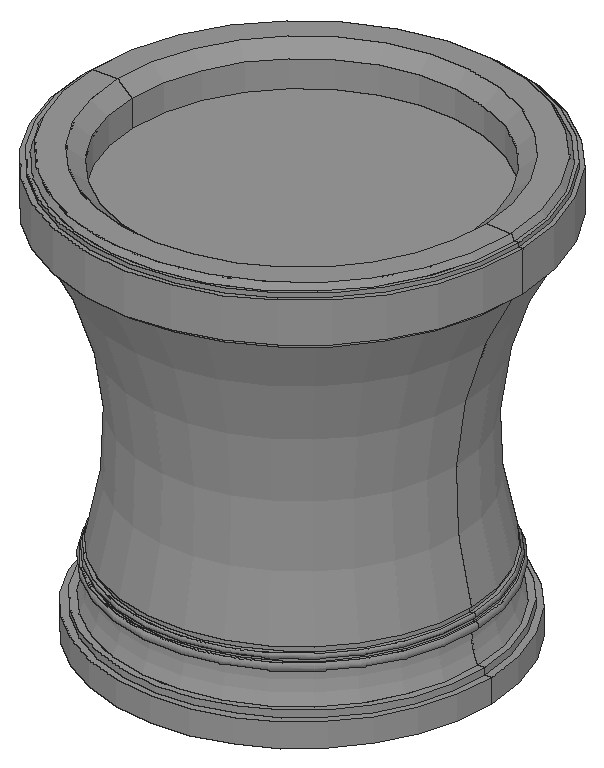
Revit family "«Космо» вазон", category Антураж, Revit 2017
Family settings
  На основе рабочей плоскости = Нет
  Всегда вертикально = Да
  При загрузке вырезать с полостями = Нет
  Источник визуального образа = Геометрия семейства
  Общий = Нет
  Точка расчета площади = Нет
Parameters (values of type "«Космо» вазон")
  Стоимость = 66010
  Изготовитель = "ООО \"Хоббика\""
  Высота = 0 mm
  АDSK_Материал вазона = Камень
  URL = "https://hobbyka.ru/product/vazon_kosmo/?sphrase_id=80633"
  ADSK_Размер_Диаметр = 1240 mm
  ADSK_Размер_Высота = 1200 mm
  ADSK_Наименование = "«Космо» вазон"
  ADSK_Код изделия = "8447"
Reference planes
  plane 1 "По центру (Вперед/Назад)": y = 0
  plane 2: z = 0
  plane 3 "По центру (Влево/Вправо)": x = 0
Forms (mm)
  Revolve 1, solid, material "Камень" <- "АDSK_Материал вазона"
    sketch origin (0, 0, 0) x (1, 0, 0) y (0, 0, 1)
      loop
        line (-595.831, 1184.607) -> (-605.98, 1184.607) -> (-605.98, 1173.232) -> (-618.884, 1173.232) -> (-618.884, 1060.461) -> (-602.458, 1060.461) -> (-602.458, 1047.461) -> (-595.799, 1047.461)
        arc (-595.799, 1047.461) -> (-442.692, 649.663) -> (-475.611, 224.691) r 966.41
        line (-475.611, 224.691) -> (-470.526, 224.691) -> (-470.526, 210.564) -> (-480.696, 210.564)
        arc (-480.696, 210.564) -> (-484.574, 204.151) -> (-480.696, 197.737) r 7.242
        line (-480.696, 197.737) -> (-480.696, 191.911) -> (-487.884, 191.911)
        arc (-487.884, 191.911) -> (-492.764, 181.411) -> (-487.884, 170.911) r 13.736
        line (-487.884, 170.911) -> (-472.851, 170.911)
        arc (-472.851, 170.911) -> (-477.175, 126.486) -> (-493.681, 85.017) r 158.912
        line (-493.681, 85.017) -> (-511.136, 85.017) -> (-511.136, 67.017) -> (-530.277, 67.017) -> (-530.277, 0) -> (0, 0) -> (0, 922.944) -> (-475.204, 922.944) -> (-475.204, 1166) -> (-516.777, 1200) -> (-585.682, 1200) -> (-595.831, 1184.607)
      axis (0, 0) -> (0, 1200)
    angle from 0 to 360
  Extrusion 2, solid, material "Земля"
    sketch origin (0, 0, 0) x (1, 0, 0) y (0, 1, 0)
      loop
        circle (0, 0) r 516.777
    from 922.944 to 1092.241
Dimensions and locks
  aligned and locked: level to plane 2
